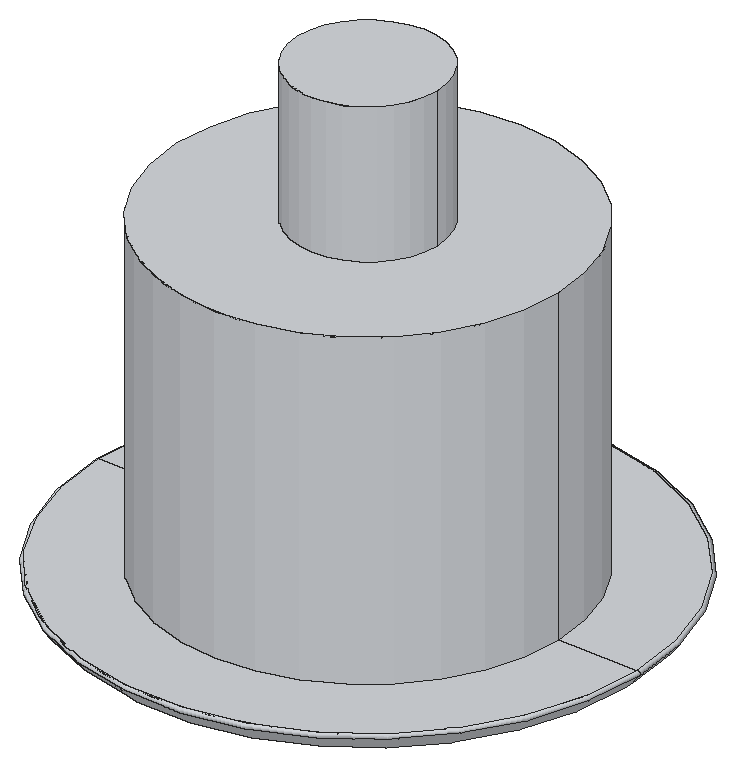
Revit family
Parameters (values of type "RASCO G4A CONCEALED")
  Temperature Rating = 212 °F
  Response = 1
  RASCO SIN # = "R5411"
  RASCO Part # = "G4A23B"
  Pressure Rating = "175 PSI"
  Pressure Class = (empty or 0)
  Orifice Size = 3/8"
  Orifice = (empty or 0)
  Model = "G4A"
  Manufacturer = "RASCO"
  K-Factor = 5.6
  Description = "Concealed Pendent"
  Coverage = (empty or 0)
Reference planes (in)
  plane 1 "Center (Front/Back)": y = 0
  plane 2: z = 0
  plane 3 "Center (Left/Right)": x = 0
Nested families (in)
  nested 1: "G4A23B" at (-0.20852, -0.61802, 0), type "RASCO G4A CONCEALED"
Connectors (in)
  piping at (-0.20852, -0.61802, 2.90921)
    settings: on nested 1, index 1, connector radius 55/128", flow factor 0, pipe flow 0 GPM, pressure drop 0.00 psi, fitting loss kfactor 0, connector angle 0.00°, fixture units 0, flow configuration 0, flow direction 0, fitting loss method 0, system type 7, connector reference index -1, connector utility 0, adjustable connector no, is connector primary yes, fitting loss table "", connector description ""
Definition of nested family "G4A23B"
  Parameters (values of type "RASCO G4A CONCEALED")
    Type Comments = ""
    Temperature Rating = 0 °F
    Response = (empty or 0)
    Pressure Rating = "0"
    Pressure Class = (empty or 0)
    Orifice Size = 0"
    Orifice = (empty or 0)
    Model = ""
    Manufacturer = ""
    K-Factor = 0
    Coverage = (empty or 0)
    Assembly Code = ""
  Reference planes (in)
    plane 1 "Center (Front/Back)": y = 0
    plane 2: z = 0
    plane 3 "Center (Left/Right)": x = 0
    plane 4 "ref.2": z = 0.181
    plane 5 "ref.3": z = 2.151
  Forms (in)
    Extrusion 1, solid
      sketch origin (0, 0, 0.181) x (-1, 0, 0) y (0, -1, 0)
        loop
          circle (0, 0) r 1.158
      from 0 to 1.88665
    Extrusion 2, solid
      sketch origin (0, 0, 2.151) x (-1, 0, 0) y (0, -1, 0)
        loop
          circle (0, 0) r 0.423
      from -0.08335 to 0.75821
    Revolve 3, solid
      sketch origin (0, 0, 0) x (1, 0, 0) y (0, 0, 1)
        loop
          line (0, 0.181) -> (-1.63616, 0.181)
          arc (-1.63616, 0.181) -> (-1.64898, 0.17353) -> (-1.6488, 0.1587) r 0.01473
          arc (-1.6488, 0.1587) -> (-1.52971, 0.04243) -> (-1.36877, 0) r 0.32641
          line (-1.36877, 0) -> (0, 0) -> (0, 0.181)
        axis (0, 0.181) -> (0, 0)
      angle from 0 to 360
